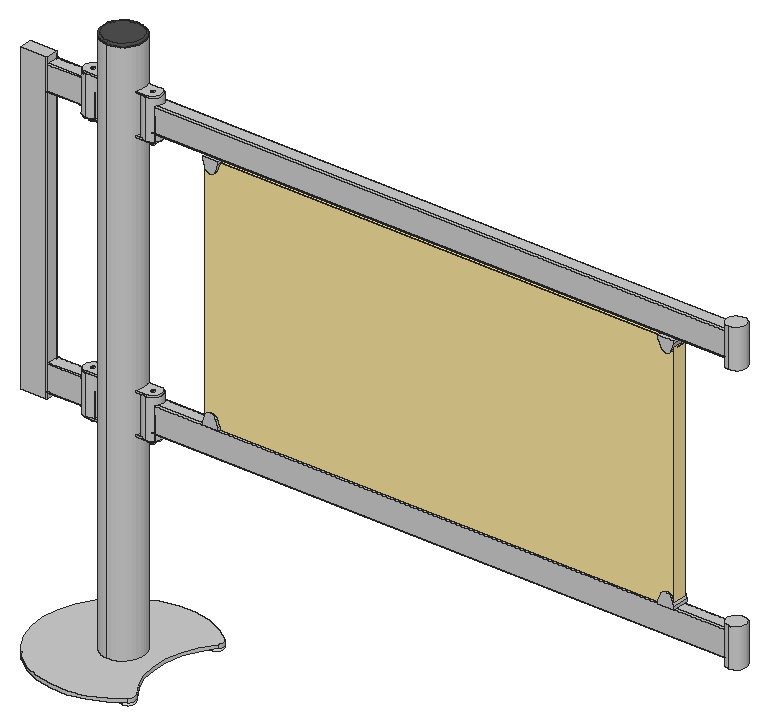
Revit family "PQR-441-APNLAD", category Furniture, Revit 2021
Family settings
  OmniClass Number = 23.40.20.00
  OmniClass Title = General Furniture and Specialties
  Work Plane-Based = No
  Always vertical = Yes
  Cut with Voids When Loaded = No
  Shared = No
  Room Calculation Point = No
Parameters
  W = 4' - 0"
  Frame [instance] = CEN_Frame_Metallic Silver Powdercoat (MS)
  Panel [instance] = Render Material 255-223-127
  Model = "PQR-441-APNLAD"
  End pieces on/off [instance] = yes
  Default Elevation = 0' - 0"
Reference planes (in)
  plane 1 "Center Front/Back": y = 0
  plane 2: z = 0
  plane 3 "Center Left/Right": x = 0
  plane 4: x = -24
  plane 5: x = 24
  plane 6: x = -17.5
  plane 7: x = 17.5
  plane 8: x = -21.5
  plane 9: x = 21.5
Forms (in)
  Extrusion 1, solid, material "CEN_Frame_Metallic Silver Powdercoat (MS)" <- "Frame"
    sketch origin (-23.29168, 0.50272, 36.0271) x (0, -1, 0) y (0, 0, 1)
      loop
        line (1, 0) -> (1, 1.78554)
        arc (1, 1.78554) -> (0.98091, 1.83163) -> (0.93482, 1.85072) r 0.06518
        line (0.93482, 1.85072) -> (0.06518, 1.85072)
        arc (0.06518, 1.85072) -> (0.01909, 1.83163) -> (0, 1.78554) r 0.06518
        line (0, 1.78554) -> (0, 0)
        arc (0, 0) -> (0.01909, -0.04609) -> (0.06518, -0.06518) r 0.06518
        line (0.06518, -0.06518) -> (0.93482, -0.06518)
        arc (0.93482, -0.06518) -> (0.98091, -0.04609) -> (1, 0) r 0.06518
      loop
        line (1, -20.08373) -> (1, -18.21446)
        arc (1, -18.21446) -> (0.98091, -18.16837) -> (0.93482, -18.14928) r 0.06518
        line (0.93482, -18.14928) -> (0.06518, -18.14928)
        arc (0.06518, -18.14928) -> (0.01909, -18.16837) -> (0, -18.21446) r 0.06518
        line (0, -18.21446) -> (0, -20.08373)
        arc (0, -20.08373) -> (0.01909, -20.12982) -> (0.06518, -20.14891) r 0.06518
        line (0.06518, -20.14891) -> (0.93482, -20.14891)
        arc (0.93482, -20.14891) -> (0.98091, -20.12982) -> (1, -20.08373) r 0.06518
    from -1.79168 to -44.79168
  Extrusion 2, solid, material "Render Material 255-223-127" <- "Panel"
    sketch origin (0, 0, 0) x (0, 1, 0) y (0, 0, 1)
      loop
        line (0.5, 17.96904) -> (0.5, 35.78154) -> (0.4375, 35.78154) -> (-0.4375, 35.78154) -> (-0.5, 35.78154) -> (-0.5, 17.96904) -> (-0.4375, 17.96904) -> (0.4375, 17.96904) -> (0.5, 17.96904)
    from -17.5 to 17.5
  Extrusion 3, solid, material "CEN_Frame_Metallic Silver Powdercoat (MS)" <- "Frame"
    sketch origin (0, 0, 0) x (1, 0, 0) y (0, 0, 1)
      loop
        line (-16.4145, 35.87529) -> (-17.5855, 35.87529) -> (-17.5855, 35.65654) -> (-17.41169, 35.17323)
        arc (-17.41169, 35.17323) -> (-17, 34.88379) -> (-16.58831, 35.17323) r 0.4375
        line (-16.58831, 35.17323) -> (-16.4145, 35.65654) -> (-16.4145, 35.87529)
    from -0.61497 to 0.61159
  Extrusion 4, solid, material "CEN_Frame_Metallic Silver Powdercoat (MS)" <- "Frame"
    sketch origin (0, 0, 0) x (-1, 0, 0) y (0, 0, -1)
      loop
        line (-16.4145, -35.87529) -> (-16.4145, -35.65654) -> (-16.58831, -35.17323)
        arc (-16.58831, -35.17323) -> (-17, -34.88379) -> (-17.41169, -35.17323) r 0.4375
        line (-17.41169, -35.17323) -> (-17.5855, -35.65654) -> (-17.5855, -35.87529) -> (-16.4145, -35.87529)
    from -0.61497 to 0.61159
  Extrusion 5, solid, material "CEN_Frame_Metallic Silver Powdercoat (MS)" <- "Frame"
    sketch origin (0, 0, 53.75058) x (1, 0, 0) y (0, 0, 1)
      loop
        line (-16.4145, -35.87529) -> (-16.4145, -35.65654) -> (-16.58831, -35.17323)
        arc (-16.58831, -35.17323) -> (-17, -34.88379) -> (-17.41169, -35.17323) r 0.4375
        line (-17.41169, -35.17323) -> (-17.5855, -35.65654) -> (-17.5855, -35.87529) -> (-16.4145, -35.87529)
    from -0.61497 to 0.61159
  Extrusion 6, solid, material "CEN_Frame_Metallic Silver Powdercoat (MS)" <- "Frame"
    sketch origin (0, 0, 53.75058) x (-1, 0, 0) y (0, 0, -1)
      loop
        line (-16.4145, 35.87529) -> (-17.5855, 35.87529) -> (-17.5855, 35.65654) -> (-17.41169, 35.17323)
        arc (-17.41169, 35.17323) -> (-17, 34.88379) -> (-16.58831, 35.17323) r 0.4375
        line (-16.58831, 35.17323) -> (-16.4145, 35.65654) -> (-16.4145, 35.87529)
    from -0.61497 to 0.61159
  Extrusion 7, solid, material "CEN_Frame_Metallic Silver Powdercoat (MS)" <- "Frame"
    sketch origin (0, 0, 0) x (1, 0, 0) y (0, 1, 0)
      loop
        circle (21.76551, 0.00169) r 0.6875
    from 35.46343 to 38.31958
  Extrusion 8, solid, material "CEN_Frame_Metallic Silver Powdercoat (MS)" <- "Frame"
    sketch origin (0, 0, 0) x (1, 0, 0) y (0, 1, 0)
      loop
        circle (21.76551, 0.00169) r 0.6875
    from 15.46082 to 18.31697
Dimensions and locks (in)
  equal spacing: plane 4, plane 3 "Center Left/Right", plane 5
  "W": plane 4 to plane 5
  locked: plane 7 to plane 5 at 6.5
  locked: plane 6 to plane 4 at 6.5
  locked: plane 4 to plane 8 at 2.5
  locked: plane 5 to plane 9 at 2.5
  aligned and locked: level to plane 2
  aligned and locked: plane 4 to nested 1
  aligned and locked: Extrusion 2 to plane 6
  aligned and locked: Extrusion 2 to plane 7
  aligned and locked: plane 9 to Extrusion 1
  aligned and locked: Extrusion 1 to plane 8
Automatic sketch dimensions
  Extrusion 1 sketch curve to Extrusion 1 sketch curve = 0' - 0.06518"  (x6)
  plane 1 "Center Front/Back" to Extrusion 2 sketch curve = 0' - 0 1/2"
  Extrusion 2 sketch curve to Extrusion 2 sketch curve = 0' - 0 1/16"  (x3)
  Extrusion 2 sketch curve to plane 1 "Center Front/Back" = 0' - 0 7/16"  (x2)
  level to Extrusion 2 sketch curve = 1' - 5.96904"
  Extrusion 2 sketch curve to Extrusion 2 sketch curve = 1' - 5 13/16"
  Extrusion 1 sketch curve to plane 1 "Center Front/Back" = 0' - 0.50272"  (x2)
  plane 1 "Center Front/Back" to Extrusion 1 sketch curve = 0' - 0.43209"  (x4)
  level to Extrusion 1 sketch curve = 1' - 3.87818"
  Extrusion 1 sketch curve to Extrusion 1 sketch curve = 0' - 1.86927"
  Extrusion 1 sketch curve to Extrusion 1 sketch curve = 1' - 6.08409"
  Extrusion 1 sketch curve to Extrusion 1 sketch curve = 0' - 1.78554"
  Extrusion 3 sketch curve to plane 6 = 0' - 0.0855"
  plane 6 to Extrusion 3 sketch curve = 0' - 0.08831"
  Extrusion 3 sketch curve to Extrusion 3 sketch curve = 0' - 0.41169"  (x2)
  Extrusion 3 sketch curve to Extrusion 3 sketch curve = 0' - 0.17381"
  level to Extrusion 3 sketch curve = 2' - 11.17323"
  Extrusion 3 sketch curve to Extrusion 3 sketch curve = 0' - 0.14806"
  Extrusion 3 sketch curve to Extrusion 3 sketch curve = 0' - 0.48331"  (x2)
  Extrusion 3 sketch curve to Extrusion 3 sketch curve = 0' - 0 7/32"
  Extrusion 4 sketch curve to plane 7 = 0' - 0.0855"
  plane 7 to Extrusion 4 sketch curve = 0' - 0.08831"
  Extrusion 4 sketch curve to Extrusion 4 sketch curve = 0' - 0.41169"  (x2)
  Extrusion 4 sketch curve to Extrusion 4 sketch curve = 0' - 0.17381"
  level to Extrusion 4 sketch curve = 2' - 11.87529"
  Extrusion 4 sketch curve to Extrusion 4 sketch curve = 0' - 0 7/32"  (x2)
  Extrusion 4 sketch curve to Extrusion 4 sketch curve = 0' - 0.33525"
  Extrusion 4 sketch curve to Extrusion 4 sketch curve = 0' - 0.14806"
  Extrusion 5 sketch curve to plane 6 = 0' - 0.0855"
  plane 6 to Extrusion 5 sketch curve = 0' - 0.08831"
  Extrusion 5 sketch curve to Extrusion 5 sketch curve = 0' - 0.41169"  (x2)
  Extrusion 5 sketch curve to Extrusion 5 sketch curve = 0' - 0.17381"
  level to Extrusion 5 sketch curve = 1' - 5.87529"
  Extrusion 5 sketch curve to Extrusion 5 sketch curve = 0' - 0 7/32"  (x2)
  Extrusion 5 sketch curve to Extrusion 5 sketch curve = 0' - 0.33525"
  Extrusion 5 sketch curve to Extrusion 5 sketch curve = 0' - 0.14806"
  Extrusion 6 sketch curve to plane 7 = 0' - 0.0855"
  plane 7 to Extrusion 6 sketch curve = 0' - 0.08831"
  Extrusion 6 sketch curve to Extrusion 6 sketch curve = 0' - 0.41169"  (x2)
  Extrusion 6 sketch curve to Extrusion 6 sketch curve = 0' - 0.17381"
  level to Extrusion 6 sketch curve = 1' - 6.57735"
  Extrusion 6 sketch curve to Extrusion 6 sketch curve = 0' - 0.14806"
  Extrusion 6 sketch curve to Extrusion 6 sketch curve = 0' - 0.48331"  (x2)
  Extrusion 6 sketch curve to Extrusion 6 sketch curve = 0' - 0 7/32"
  Extrusion 7 sketch curve to Extrusion 7 sketch curve = 0' - 0"  (x2)
  Extrusion 7 sketch curve to plane 1 "Center Front/Back" = 0' - 0.00169"
  Extrusion 7 sketch curve to plane 9 = 0' - 0.26551"
  plane 1 "Center Front/Back" to Extrusion 7 sketch curve = 0' - 0.68581"
  Extrusion 8 sketch curve to Extrusion 8 sketch curve = 0' - 0"  (x2)
  Extrusion 8 sketch curve to plane 1 "Center Front/Back" = 0' - 0.00169"
  Extrusion 8 sketch curve to plane 9 = 0' - 0.26551"
  plane 1 "Center Front/Back" to Extrusion 8 sketch curve = 0' - 0.68581"
Nested families (in)
  nested 1: "PQR-341-post " at (-24, 0, 0) x (0, 1, 0) z (0, 0, 1), END KIT <- "End pieces on/off", type "PQR-341-post "
Definition of nested family "PQR-341-post "
  Parameters (values of type "PQR-341-post ")
    plastic button = none
    Post = none
    END KIT [instance] = no
    Default Elevation = 0' - 0"
  Types (2): name
    PQR-341-post
    NOT END KIT
  Reference planes (in)
    plane 1 "Center Front/Back": y = 0
    plane 2: z = 0
    plane 3 "Center Left/Right": x = 0
    plane 4: z = 41.62154
    plane 5: z = 41.43404
    plane 6: z = 38.43918
    plane 7: z = 35.46343
    plane 8: z = 38.31958
    plane 9: z = 35.34626
    plane 10: z = 35.0779
    plane 11: z = 34.93741
    plane 12: z = 18.43657
    plane 13: z = 18.31697
    plane 14: z = 38.28685
    plane 15: z = 15.46357
    plane 16: z = 37.79482
    plane 17: z = 17.87782
    plane 18: z = 15.87818
  Forms (in)
    Extrusion 1, solid, material <- "Post"
      sketch origin (-0.02853, -0.08679, 0) x (1, 0, 0) y (0, 1, 0)
        loop
          arc (-3.79412, 4.14027) -> (-4.14981, 4.24664) -> (-4.48079, 4.07846) r 0.5
          arc (-4.48079, 4.07846) -> (0.03357, -5.88186) -> (4.53637, 4.0837) r 6.00161
          arc (4.53637, 4.0837) -> (4.20519, 4.25149) -> (3.84963, 4.14471) r 0.5
          arc (3.84963, 4.14471) -> (0.02853, 2.80874) -> (-3.79412, 4.14027) r 6.14269
      from 0.18657 to 0.43657
    Extrusion 2, solid, material <- "plastic button"
      sketch origin (0, 0, 0) x (1, 0, 0) y (0, 1, 0)
        loop
          circle (0, 0) r 1.5
      from 41.43404 to 41.62154
    Extrusion 3, solid, material <- "Post", visible <- "END KIT"
      sketch origin (0, 0, 0) x (1, 0, 0) y (0, 1, 0)
        loop
          circle (0.00169, -2.23449) r 0.6875
      from 35.46343 to 38.31958
    Extrusion 4, solid, material <- "Post"
      sketch origin (0, 0, 0) x (1, 0, 0) y (0, 1, 0)
        loop
          circle (0.00169, 2.23449) r 0.11265
        loop
          circle (0.00169, -2.23449) r 0.11265
        loop
          line (0.61497, -2.23449) -> (0.61497, 2.23449)
          arc (0.61497, 2.23449) -> (0.00169, 2.84777) -> (-0.61159, 2.23449) r 0.61328
          line (-0.61159, 2.23449) -> (-0.61159, -2.23449)
          arc (-0.61159, -2.23449) -> (0.00169, -2.84777) -> (0.61497, -2.23449) r 0.61328
      from 38.31958 to 38.43918
    Extrusion 5, solid, material <- "Post"
      sketch origin (0, 0, 0) x (1, 0, 0) y (0, 1, 0)
        loop
          circle (0.00169, 2.23449) r 0.11265
        loop
          circle (0.00169, -2.23449) r 0.11265
        loop
          line (0.61497, -2.23449) -> (0.61497, 2.23449)
          arc (0.61497, 2.23449) -> (0.00169, 2.84777) -> (-0.61159, 2.23449) r 0.61328
          line (-0.61159, 2.23449) -> (-0.61159, -2.23449)
          arc (-0.61159, -2.23449) -> (0.00169, -2.84777) -> (0.61497, -2.23449) r 0.61328
      from 35.34626 to 35.46343
    Extrusion 6, solid, material <- "Post"
      sketch origin (0, 0, 0) x (1, 0, 0) y (0, 1, 0)
        loop
          line (0.06349, 1.95369) -> (0.27562, 2.14947) -> (0.21213, 2.43108) -> (-0.06349, 2.5169) -> (-0.27562, 2.32111) -> (-0.21213, 2.0395) -> (0.06349, 1.95369)
        loop
          circle (0.00169, 2.23449) r 0.11265
      from 35.0779 to 35.34626
    Extrusion 7, solid, material <- "Post", visible <- "END KIT"
      sketch origin (0, 0, 0) x (1, 0, 0) y (0, 1, 0)
        loop
          circle (0.00169, -2.23449) r 0.11265
      from 34.93741 to 38.43918
    Sweep 8, void
      path in 3D
        loop
          arc (1.5, 0, 41.62154) -> (0, -1.5, 41.62154) -> (-1.5, 0, 41.62154) r 1.5
          arc (-1.5, 0, 41.62154) -> (0, 1.5, 41.62154) -> (1.5, 0, 41.62154) r 1.5
      profile origin (0, 1.5, 41.62154) x (0, 1, 0) y (0, 0, 1)
        loop
          line (0, -0.12486) -> (0.05983, -0.12486) -> (0.05983, 0) -> (-0.12486, 0)
          arc (-0.12486, 0) -> (-0.03657, -0.03657) -> (0, -0.12486) r 0.12486
    Extrusion 9, solid, material <- "Post"
      sketch origin (0, 0, 0) x (1, 0, 0) y (0, 1, 0)
        loop
          circle (0.00169, 2.23449) r 0.11265
      from 34.93741 to 38.43918
    Extrusion 10, solid, material <- "Post"
      sketch origin (0, 0, -20) x (1, 0, 0) y (0, 1, 0)
        loop
          circle (0.00169, 2.23449) r 0.11265
        loop
          circle (0.00169, -2.23449) r 0.11265
        loop
          line (0.61497, -2.23449) -> (0.61497, 2.23449)
          arc (0.61497, 2.23449) -> (0.00169, 2.84777) -> (-0.61159, 2.23449) r 0.61328
          line (-0.61159, 2.23449) -> (-0.61159, -2.23449)
          arc (-0.61159, -2.23449) -> (0.00169, -2.84777) -> (0.61497, -2.23449) r 0.61328
      from 38.31697 to 38.43657
    Extrusion 11, solid, material <- "Post"
      sketch origin (0, 0, -20) x (1, 0, 0) y (0, 1, 0)
        loop
          circle (0.00169, 2.23449) r 0.11265
        loop
          circle (0.00169, -2.23449) r 0.11265
        loop
          line (0.61497, -2.23449) -> (0.61497, 2.23449)
          arc (0.61497, 2.23449) -> (0.00169, 2.84777) -> (-0.61159, 2.23449) r 0.61328
          line (-0.61159, 2.23449) -> (-0.61159, -2.23449)
          arc (-0.61159, -2.23449) -> (0.00169, -2.84777) -> (0.61497, -2.23449) r 0.61328
      from 35.34365 to 35.46082
    Extrusion 12, solid, material <- "Post", visible <- "END KIT"
      sketch origin (0, 0, -20) x (1, 0, 0) y (0, 1, 0)
        loop
          circle (0.00169, -2.23449) r 0.11265
      from 34.9348 to 38.43657
    Extrusion 13, solid, material <- "Post"
      sketch origin (0, 0, -20) x (1, 0, 0) y (0, 1, 0)
        loop
          circle (0.00169, 2.23449) r 0.11265
      from 34.9348 to 38.43657
    Extrusion 14, solid
      sketch origin (-0.02853, -0.08679, 0) x (1, 0, 0) y (0, 1, 0)
        loop
          circle (-4.10805, 3.76384) r 0.48854
        loop
          circle (4.16511, 3.76384) r 0.48854
        loop
          circle (-3.62282, -3.98401) r 0.48854
        loop
          circle (3.67988, -3.98401) r 0.48854
      from 0 to 0.18657
    Extrusion 15, solid, material <- "Post"
      sketch origin (0, 0, 0) x (1, 0, 0) y (0, 1, 0)
        loop
          circle (0, 0) r 1.5
      from 0.43657 to 41.43404
    Extrusion 16, solid, material <- "Post", visible <- "END KIT"
      sketch origin (0, 0, 0) x (1, 0, 0) y (0, 1, 0)
        loop
          line (0.44955, -5.29168) -> (-0.44411, -5.29168)
          arc (-0.44411, -5.29168) -> (-0.4817, -5.30725) -> (-0.49728, -5.34485) r 0.05317
          line (-0.49728, -5.34485) -> (-0.49728, -7.23851)
          arc (-0.49728, -7.23851) -> (-0.4817, -7.27611) -> (-0.44411, -7.29168) r 0.05317
          line (-0.44411, -7.29168) -> (0.44955, -7.29168)
          arc (0.44955, -7.29168) -> (0.48715, -7.27611) -> (0.50272, -7.23851) r 0.05317
          line (0.50272, -7.23851) -> (0.50272, -5.34485)
          arc (0.50272, -5.34485) -> (0.48715, -5.30725) -> (0.44955, -5.29168) r 0.05317
      from 15.46357 to 38.28685
    Extrusion 17, solid, material <- "Post", visible <- "END KIT"
      sketch origin (0, 0, 0) x (1, 0, 0) y (0, 0, 1)
        loop
          line (-0.43209, 35.96191) -> (0.43754, 35.96191)
          arc (0.43754, 35.96191) -> (0.48363, 35.981) -> (0.50272, 36.0271) r 0.06518
          line (0.50272, 36.0271) -> (0.50272, 37.81264)
          arc (0.50272, 37.81264) -> (0.48363, 37.85873) -> (0.43754, 37.87782) r 0.06518
          line (0.43754, 37.87782) -> (-0.43209, 37.87782)
          arc (-0.43209, 37.87782) -> (-0.47818, 37.85873) -> (-0.49728, 37.81264) r 0.06518
          line (-0.49728, 37.81264) -> (-0.49728, 36.0271)
          arc (-0.49728, 36.0271) -> (-0.47818, 35.981) -> (-0.43209, 35.96191) r 0.06518
        loop
          line (-0.43209, 15.87818) -> (0.43754, 15.87818)
          arc (0.43754, 15.87818) -> (0.48363, 15.89727) -> (0.50272, 15.94336) r 0.06518
          line (0.50272, 15.94336) -> (0.50272, 17.81264)
          arc (0.50272, 17.81264) -> (0.48363, 17.85873) -> (0.43754, 17.87782) r 0.06518
          line (0.43754, 17.87782) -> (-0.43209, 17.87782)
          arc (-0.43209, 17.87782) -> (-0.47818, 17.85873) -> (-0.49728, 17.81264) r 0.06518
          line (-0.49728, 17.81264) -> (-0.49728, 15.94336)
          arc (-0.49728, 15.94336) -> (-0.47818, 15.89727) -> (-0.43209, 15.87818) r 0.06518
      from 2.63684 to 5.29168
    Extrusion 18, solid, material <- "Post"
      sketch origin (0, 0, 0) x (1, 0, 0) y (0, 1, 0)
        loop
          circle (0.00169, 2.23449) r 0.6875
      from 35.46343 to 38.31958
    Extrusion 19, solid, material <- "Post"
      sketch origin (0, 0, -20) x (1, 0, 0) y (0, 1, 0)
        loop
          circle (0.00169, 2.23449) r 0.6875
      from 35.46082 to 38.31697
    Extrusion 20, solid, material <- "Post", visible <- "END KIT"
      sketch origin (0, 0, -20) x (1, 0, 0) y (0, 1, 0)
        loop
          circle (0.00169, -2.23449) r 0.6875
      from 35.46082 to 38.31697
    Extrusion 21, solid, material <- "Post", visible <- "END KIT"
      sketch origin (0, 0, 0) x (1, 0, 0) y (0, 1, 0)
        loop
          line (0.06349, -1.95369) -> (-0.21213, -2.0395) -> (-0.27562, -2.32111) -> (-0.06349, -2.5169) -> (0.21213, -2.43108) -> (0.27562, -2.14947) -> (0.06349, -1.95369)
        loop
          circle (0.00169, -2.23449) r 0.11265
      from 35.0779 to 35.34626
    Extrusion 22, solid, material <- "Post"
      sketch origin (0, 0, -20.00261) x (1, 0, 0) y (0, 1, 0)
        loop
          line (0.06349, 1.95369) -> (0.27562, 2.14947) -> (0.21213, 2.43108) -> (-0.06349, 2.5169) -> (-0.27562, 2.32111) -> (-0.21213, 2.0395) -> (0.06349, 1.95369)
        loop
          circle (0.00169, 2.23449) r 0.11265
      from 35.0779 to 35.34626
    Extrusion 23, solid, material <- "Post", visible <- "END KIT"
      sketch origin (0, 0, -20.00261) x (1, 0, 0) y (0, 1, 0)
        loop
          line (0.06349, -1.95369) -> (-0.21213, -2.0395) -> (-0.27562, -2.32111) -> (-0.06349, -2.5169) -> (0.21213, -2.43108) -> (0.27562, -2.14947) -> (0.06349, -1.95369)
        loop
          circle (0.00169, -2.23449) r 0.11265
      from 35.0779 to 35.34626
  Cuts and joins
    Sweep 8 cuts Extrusion 2
    joined: Extrusion 3, Extrusion 17
  Lines and regions (in)
    sketch lines
      curve 1: arc (-1.5, 0, 41.62154) -> (0, 1.5, 41.62154) -> (1.5, 0, 41.62154) r 1.5
      curve 2: arc (1.5, 0, 41.62154) -> (0, -1.5, 41.62154) -> (-1.5, 0, 41.62154) r 1.5
  Dimensions and locks (in)
    plane 4 to level = 3' - 5.62154"
    locked: plane 4 to plane 5 at 0.1875
    plane 11 to plane 10 to plane 9 to plane 7 to plane 8 to plane 6 = 0' - 0.14049" locked, 0' - 0.26836" locked, 0' - 0 15/128" locked, 0' - 2.85615" locked, 0' - 0.1196" locked
    locked: plane 7 to plane 4 at 6.15811
    locked: plane 14 to plane 15 at 22.82328
    locked: plane 14 to plane 6 at 0.15234
    aligned and locked: level to plane 2
    aligned and locked: plane 4 to Extrusion 2
    aligned and locked: Extrusion 14 to level
    aligned and locked: plane 5 to cut or joined group of Extrusion 2, Sweep 8
    aligned and locked: Extrusion 15 to plane 5
    aligned and locked: plane 5 to Extrusion 15
    aligned and locked: plane 6 to Extrusion 4
    aligned and locked: plane 7 to Extrusion 3  (x2)
    aligned and locked: plane 8 to Extrusion 3
    aligned and locked: plane 11 to Extrusion 7  (x2)
    aligned and locked: plane 11 to Extrusion 9
    aligned and locked: plane 10 to Extrusion 6
    aligned and locked: Extrusion 6 to plane 10
    aligned and locked: plane 9 to Extrusion 5
    aligned and locked: Extrusion 6 to plane 9
    aligned and locked: Extrusion 5 to plane 9  (x2)
    aligned and locked: Extrusion 5 to plane 7
    aligned and locked: plane 7 to Extrusion 5
    aligned and locked: plane 8 to Extrusion 4
    aligned and locked: Extrusion 4 to Extrusion 9
    aligned and locked: Extrusion 7 to plane 6
    aligned and locked: plane 12 to Extrusion 10
    aligned and locked: plane 14 to Extrusion 16
    aligned and locked: plane 15 to Extrusion 16
